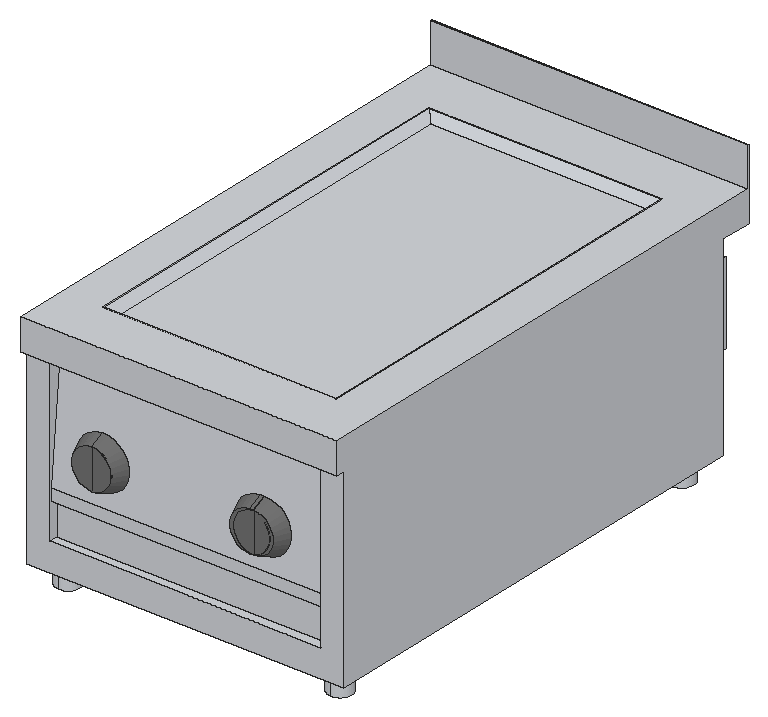
Revit family "Plancha SKGi", category Specialty Equipment, Revit 2025
Family settings
  Round Connector Dimension = Use Diameter
  Part Type = Normal
  OmniClass Number = 23.40.40.14.17.17
  OmniClass Title = Ranges
  Work Plane-Based = No
  Enable Cutting in Views = No
  Always vertical = Yes
  Cut with Voids When Loaded = No
  Maintain Annotation Orientation = No
  Shared = No
  Room Calculation Point = No
Parameters (values of type "SKGi - Induction Plancha")
  Width = 400 mm
  Weight = ""
  Watts = 6000 W
  Volts = 240 V
  URL Cutsheet = ""
  URL = ""
  Specification by User [instance] = ""
  Specification by Manufacturer = ""
  Serial Number = ""
  Seismic Rating = ""
  SMACNA No = ""
  Phase = 1
  NAFEM Spec ID Number = ""
  Model = "SKGi"
  Masterspec = ""
  Manufacturer = "ADVENTYS"
  Item Number [instance] = ""
  Installed By [instance] = ""
  Height = 310 mm
  HP = ""
  Furnished By [instance] = ""
  Foodservice Equipment Identifier [instance] = yes
  FL Amps = 25 A
  Elec Conn RI Height = 0 mm
  Description = "Induction Plancha"
  Depth = 650 mm
  Default Elevation = 0 mm
  CSI MasterFormat = ""
Reference planes
  plane 1 "BACK": y = 0
  plane 2: z = 0
  plane 3 "LEFT": x = 0
  plane 4 "RIGHT": x = 400
  plane 5 "FRONT": y = -650
  plane 6 "TOP": z = 900
  plane 7: z = 590
Forms (mm)
  Revolve 1, solid
    sketch origin (305.373, -43.943, 0) x (0, 1, 0) y (0, 0, 1)
      loop
        line (-601, 768) -> (-601, 801) -> (-619, 793) -> (-619, 768) -> (-601, 768)
      axis (-601, 768) -> (-619, 768)
    angle from 0 to 360
  Extrusion 2, solid
    sketch origin (0, 0, 50) x (0, 1, 0) y (0, 0, 1)
      loop
        line (0, 900) -> (-1.5, 900) -> (-1.5, 850) -> (-650, 850) -> (-650, 810) -> (-639.498, 810) -> (-639.498, 564.95) -> (-39.498, 564.95) -> (-39.498, 810) -> (0, 810) -> (0, 900)
    from 0 to 400
  Extrusion 3, solid
    sketch origin (0, 0, 0) x (0, 1, 0) y (0, 0, 1)
      loop
        line (-39.498, 812.387) -> (-39.498, 709.062) -> (0, 709.062) -> (0, 812.387) -> (-39.498, 812.387)
    from 28.3 to 371.9
  Extrusion 4, solid
    sketch origin (0, 0, 900) x (0, 1, 0) y (-1, 0, 0)
      loop
        circle (-69.498, -28.3) r 15
      loop
        circle (-69.498, -371.7) r 15
      loop
        circle (-609.498, -28.3) r 15
      loop
        circle (-609.498, -371.7) r 15
    from -310 to -285.05
  Revolve 5, solid
    sketch origin (100.373, -43.943, 0) x (0, 1, 0) y (0, 0, 1)
      loop
        line (-601, 768) -> (-601, 801) -> (-619, 793) -> (-619, 768) -> (-601, 768)
      axis (-601, 768) -> (-619, 768)
    angle from 0 to 360
  Revolve 6, solid
    sketch origin (300.373, -43.943, 0) x (0, 1, 0) y (0, 0, 1)
      loop
        line (-601, 768) -> (-601, 801) -> (-619, 793) -> (-619, 768) -> (-601, 768)
      axis (-601, 768) -> (-619, 768)
    angle from 0 to 360
  Extrusion 7, void
    sketch origin (0, 0, 900) x (0, 1, 0) y (-1, 0, 0)
      loop
        line (-69.791, -52.091) -> (-584.209, -52.091) -> (-584.209, -346.509) -> (-69.791, -346.509) -> (-69.791, -52.091)
    from 0 to -10.388
  Sweep 8, solid
    path origin (0, 0, 900) x (0, 1, 0) y (-1, 0, 0)
      loop
        line (-69.791, -52.091) -> (-584.209, -52.091) -> (-584.209, -346.509) -> (-69.791, -346.509) -> (-69.791, -52.091)
    profile origin (199.3, -69.791, 900) x (0, 1, 0) y (0, 0, 1)
      loop
        line (0, 0) -> (-10.388, -10.388) -> (0, -10.388) -> (0, 0)
  Extrusion 9, void
    sketch origin (0, 1.043, -0.012) x (0, 1, 0) y (0, 0, 1)
      loop
        line (-641.025, 860) -> (-641.025, 651.388) -> (-629.498, 651.388) -> (-629.498, 696.388) -> (-639.498, 696.388) -> (-639.498, 711.388) -> (-625, 860) -> (-641.025, 860)
    from 29.298 to 371.9
Cuts and joins
  Extrusion 7, Extrusion 9 cuts Extrusion 2
Dimensions and locks
  "Width": plane 4 "RIGHT" to plane 3 "LEFT"
  "Height": plane 7 to plane 6 "TOP"
  "Depth": plane 5 "FRONT" to plane 1 "BACK"
  plane 6 "TOP" to level = 900 mm
  aligned and locked: level to plane 2
  aligned and locked: plane 1 "BACK" to import instance
  aligned and locked: plane 3 "LEFT" to import instance
Automatic sketch dimensions
  plane 5 "FRONT" to Revolve 1 sketch curve = 12.943 mm
  Revolve 1 sketch curve to plane 5 "FRONT" = 5.057 mm
  Revolve 1 sketch curve to plane 6 "TOP" = 132 mm
  Revolve 1 sketch curve to Revolve 1 sketch curve = 25 mm
  Revolve 1 sketch curve to Revolve 1 sketch curve = 8 mm
  Revolve 1 sketch curve to Revolve 1 sketch curve = 0 mm  (x3)
  Extrusion 2 sketch curve to plane 5 "FRONT" = 0 mm
  Extrusion 2 sketch curve to plane 6 "TOP" = 0 mm
  Extrusion 2 sketch curve to plane 1 "BACK" = 0 mm
  Extrusion 2 sketch curve to plane 5 "FRONT" = 10.502 mm
  plane 1 "BACK" to Extrusion 2 sketch curve = 39.498 mm
  Extrusion 2 sketch curve to Extrusion 2 sketch curve = 1.5 mm
  Extrusion 2 sketch curve to plane 6 "TOP" = 40 mm  (x2)
  plane 7 to Extrusion 2 sketch curve = 24.95 mm
  plane 6 "TOP" to Extrusion 2 sketch curve = 50 mm
  Extrusion 3 sketch curve to plane 1 "BACK" = 0 mm
  plane 1 "BACK" to Extrusion 3 sketch curve = 39.498 mm
  plane 7 to Extrusion 3 sketch curve = 119.062 mm
  Extrusion 3 sketch curve to plane 6 "TOP" = 87.613 mm
  Extrusion 4 sketch curve to plane 5 "FRONT" = 40.502 mm  (x2)
  Extrusion 4 sketch curve to plane 4 "RIGHT" = 28.3 mm  (x2)
  plane 1 "BACK" to Extrusion 4 sketch curve = 69.498 mm  (x2)
  plane 3 "LEFT" to Extrusion 4 sketch curve = 28.3 mm  (x2)
  plane 5 "FRONT" to Revolve 5 sketch curve = 12.943 mm
  Revolve 5 sketch curve to plane 5 "FRONT" = 5.057 mm
  Revolve 5 sketch curve to plane 6 "TOP" = 132 mm
  Revolve 5 sketch curve to Revolve 5 sketch curve = 25 mm
  Revolve 5 sketch curve to Revolve 5 sketch curve = 8 mm
  Revolve 5 sketch curve to Revolve 5 sketch curve = 0 mm  (x3)
  plane 5 "FRONT" to Revolve 6 sketch curve = 12.943 mm
  Revolve 6 sketch curve to plane 5 "FRONT" = 5.057 mm
  Revolve 6 sketch curve to plane 6 "TOP" = 132 mm
  Revolve 6 sketch curve to Revolve 6 sketch curve = 25 mm
  Revolve 6 sketch curve to Revolve 6 sketch curve = 8 mm
  Revolve 6 sketch curve to Revolve 6 sketch curve = 0 mm  (x3)
  Extrusion 7 sketch curve to plane 5 "FRONT" = 65.791 mm
  plane 1 "BACK" to Extrusion 7 sketch curve = 69.791 mm
  Extrusion 7 sketch curve to plane 4 "RIGHT" = 53.491 mm
  plane 3 "LEFT" to Extrusion 7 sketch curve = 52.091 mm
  Sweep 8 sketch curve to plane 5 "FRONT" = 65.791 mm
  plane 1 "BACK" to Sweep 8 sketch curve = 69.791 mm
  Sweep 8 sketch curve to plane 4 "RIGHT" = 53.491 mm
  plane 3 "LEFT" to Sweep 8 sketch curve = 52.091 mm
  Sweep 8 sketch curve to profile plane = 0 mm
  Sweep 8 sketch curve to plane 6 "TOP" = 0 mm
  profile plane to Sweep 8 sketch curve = 10.388 mm
  Sweep 8 sketch curve to plane 6 "TOP" = 10.388 mm
  Extrusion 9 sketch curve to plane 5 "FRONT" = 10.018 mm
  Extrusion 9 sketch curve to plane 5 "FRONT" = 11.545 mm
  Extrusion 9 sketch curve to Extrusion 9 sketch curve = 10 mm
  Extrusion 9 sketch curve to Extrusion 9 sketch curve = 16.025 mm
  plane 7 to Extrusion 9 sketch curve = 61.376 mm
  Extrusion 9 sketch curve to Extrusion 9 sketch curve = 45 mm
  Extrusion 9 sketch curve to Extrusion 9 sketch curve = 15 mm
  Extrusion 9 sketch curve to plane 6 "TOP" = 40.012 mm
  radius of Extrusion 4 sketch curve = 15 mm  (x4)
